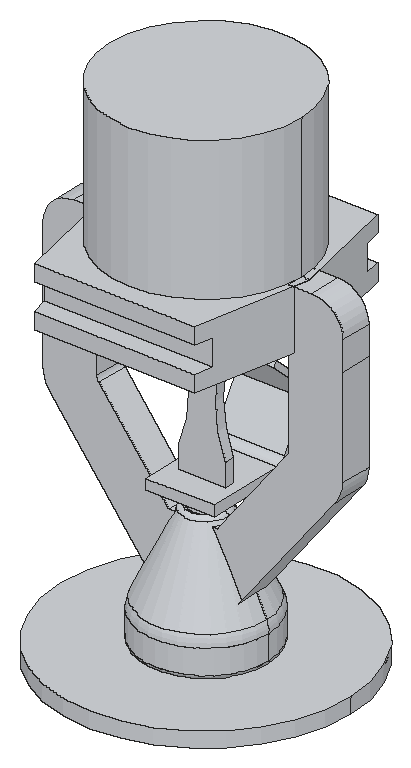
Revit family
Parameters (values of type "RASCO JL-14 ESFR")
  Temperature Rating = 212 °F
  Response = 1
  RASCO SIN # = "RA1812"
  RASCO Part # = "JL142B"
  Pressure Rating = "175 PSI"
  Pressure Class = (empty or 0)
  Orifice Size = 3/4"
  Orifice = (empty or 0)
  Model = "JL-14"
  Manufacturer = "RASCO"
  K-Factor = 14
  Description = "BRONZE FINISH"
  Coverage = (empty or 0)
Reference planes (in)
  plane 1 "Center (Front/Back)": y = 0
  plane 2: z = 0
  plane 3 "Center (Left/Right)": x = 0
Nested families (in)
  nested 1: "JL142B" at (-0.00014, 0, 2.99969) x (-1, 0, 0) z (0, 0, -1), type "RASCO JL-14 ESFR"
Connectors (in)
  piping at (-0.00014, 0, 2.99969)
    settings: on nested 1, index 1, connector radius 1/2", flow factor 0, pipe flow 0 GPM, pressure drop 0.00 psi, fitting loss kfactor 0, connector angle 0.00°, fixture units 0, flow configuration 0, flow direction 0, fitting loss method 0, system type 7, connector reference index -1, connector utility 0, adjustable connector no, is connector primary yes, fitting loss table "", connector description ""
Definition of nested family "JL142B"
  Parameters (values of type "RASCO JL-14 ESFR")
    Type Comments = ""
    Temperature Rating = 0 °F
    Response = (empty or 0)
    Pressure Rating = "0"
    Pressure Class = (empty or 0)
    Orifice Size = 0"
    Orifice = (empty or 0)
    Model = ""
    Manufacturer = ""
    K-Factor = 0
    Description = ""
    Coverage = (empty or 0)
    Assembly Code = ""
  Reference planes (in)
    plane 1 "Center (Front/Back)": y = 0
    plane 2: z = 0
    plane 3 "REF.1": z = 0.773
    plane 4 "top": z = 2.8125
    plane 5: x = -0.81624
    plane 6: x = 0.81332
    plane 7 "ref.2": z = 2.098
    plane 8 "head": z = 2.72724
    plane 9 "left/right center": x = 0
    plane 10 "screw": z = 1.98251
    plane 11 "link2": through (0, -0.02489, 1.21079) normal (0, 0.6767, -0.7363)
  Forms (in)
    Extrusion 1, solid
      sketch origin (0, 0, 0) x (1, 0, 0) y (0, 1, 0)
        loop
          circle (0, 0) r 0.5221
      from 0 to 0.773
    Extrusion 2, solid
      sketch origin (0, 0, 0.773) x (-1, 0, 0) y (0, -1, 0)
        loop
          line (-0.43619, -0.62052) -> (0.4375, -0.62052) -> (0.56391, 0) -> (0.4375, 0.62052) -> (-0.43619, 0.62052) -> (-0.56259, 0) -> (-0.43619, -0.62052)
      from 0 to 0.325
    Extrusion 3, void
      sketch origin (0, 0, 0) x (1, 0, 0) y (0, 0, 1)
        loop
          line (-0.56391, 1.00774) -> (-0.56391, 0.86298) -> (0.56259, 0.86298) -> (0.56259, 1.00774) -> (-0.56391, 1.00774)
      from 0.52148 to 0.62052
    Extrusion 4, solid
      sketch origin (0, 0, 0) x (1, 0, 0) y (0, 0, 1)
        loop
          line (-0.5221, 0.773) -> (-0.5221, 1.098) -> (-0.5221, 1.58091)
          arc (-0.5221, 1.58091) -> (-0.5194, 1.59708) -> (-0.51161, 1.61149) r 0.04979
          line (-0.51161, 1.61149) -> (-0.13316, 2.098) -> (-0.00066, 2.098) -> (0.13184, 2.098) -> (0.5115, 1.61158)
          arc (0.5115, 1.61158) -> (0.51938, 1.59706) -> (0.5221, 1.58077) r 0.05007
          line (0.5221, 1.58077) -> (0.5221, 1.098) -> (0.5221, 0.773) -> (0.64763, 0.773)
          arc (0.64763, 0.773) -> (0.76676, 0.82234) -> (0.8161, 0.94147) r 0.16847
          line (0.8161, 0.94147) -> (0.8161, 1.098) -> (0.8161, 1.63725)
          arc (0.8161, 1.63725) -> (0.80631, 1.69579) -> (0.77801, 1.74796) r 0.17993
          line (0.77801, 1.74796) -> (0.18552, 2.50706) -> (-0.18743, 2.50706) -> (-0.77818, 1.74764)
          arc (-0.77818, 1.74764) -> (-0.80636, 1.69554) -> (-0.8161, 1.63712) r 0.18
          line (-0.8161, 1.63712) -> (-0.8161, 1.098) -> (-0.8161, 0.94094)
          arc (-0.8161, 0.94094) -> (-0.76691, 0.82219) -> (-0.64816, 0.773) r 0.16794
          line (-0.64816, 0.773) -> (-0.5221, 0.773)
      from -0.08649 to 0.08732
    Extrusion 5, void
      sketch origin (0.00728, 1.142, 0) x (1, 0, 0) y (0, 0, 1)
        loop
          line (-0.56391, 1.00774) -> (-0.56391, 0.86298) -> (0.56259, 0.86298) -> (0.56259, 1.00774) -> (-0.56391, 1.00774)
      from 0.52148 to 0.62052
    Revolve 6, solid
      sketch origin (0, 0, 0) x (1, 0, 0) y (0, 0, 1)
        loop
          line (-0.00066, 2.72754) -> (-0.32516, 2.72754)
          arc (-0.32516, 2.72754) -> (-0.339, 2.72181) -> (-0.34473, 2.70797) r 0.01957
          line (-0.34473, 2.70797) -> (-0.34473, 2.57443)
          arc (-0.34473, 2.57443) -> (-0.34132, 2.5437) -> (-0.33127, 2.51445) r 0.14031
          line (-0.33127, 2.51445) -> (-0.12582, 2.07995)
          arc (-0.12582, 2.07995) -> (-0.11591, 2.06775) -> (-0.10088, 2.06316) r 0.02692
          line (-0.10088, 2.06316) -> (-0.00066, 2.06316) -> (-0.00066, 2.72754)
        axis (-0.00066, 2.72754) -> (-0.00066, 2.06316)
      angle from 0 to 360
    Extrusion 7, solid
      sketch origin (0, 0, 0) x (1, 0, 0) y (0, 0, 1)
        loop
          line (-0.00066, 1.098) -> (0.12634, 1.098) -> (0.12634, 1.25094)
          arc (0.12634, 1.25094) -> (0.07205, 1.52876) -> (0.12634, 1.80659) r 0.738
          line (0.12634, 1.80659) -> (0.12634, 1.9285) -> (-0.12716, 1.9285) -> (-0.12716, 1.80659)
          arc (-0.12716, 1.80659) -> (-0.07288, 1.52876) -> (-0.12716, 1.25094) r 0.73821
          line (-0.12716, 1.25094) -> (-0.12716, 1.098) -> (-0.00066, 1.098)
      from -0.02698 to 0.02489
    Extrusion 8, solid
      sketch origin (0, 0, 0) x (0, 0, -1) y (0, -1, 0)
        loop
          line (-1.92851, 0.17394) -> (-1.98251, 0.17394) -> (-1.98251, -0.23992)
          arc (-1.98251, -0.23992) -> (-1.96437, -0.3088) -> (-1.91467, -0.35983) r 0.13989
          line (-1.91467, -0.35983) -> (-1.70246, -0.48734)
          arc (-1.70246, -0.48734) -> (-1.69224, -0.50115) -> (-1.69478, -0.51815) r 0.02246
          line (-1.69478, -0.51815) -> (-1.72641, -0.57081) -> (-1.68013, -0.59862) -> (-1.63469, -0.52299)
          arc (-1.63469, -0.52299) -> (-1.62907, -0.4854) -> (-1.65167, -0.45485) r 0.04966
          line (-1.65167, -0.45485) -> (-1.89842, -0.30659)
          arc (-1.89842, -0.30659) -> (-1.92047, -0.28396) -> (-1.92851, -0.25341) r 0.06204
          line (-1.92851, -0.25341) -> (-1.92851, 0.17394)
      from -0.18664 to 0.18723
    Extrusion 9, solid
      sketch origin (0, 0, 1.98251) x (-1, 0, 0) y (0, -1, 0)
        loop
          circle (0, 0) r 0.087
      from 0 to 0.0806
    Extrusion 10, solid
      sketch origin (0, -0.61464, 0.66881) x (0, -0.736298, -0.676658) y (-1, 0, 0)
        loop
          line (-0.69009, 0.00066) -> (-0.69009, 0.24966) -> (-0.83009, 0.38966) -> (-1.45483, 0.38966) -> (-1.59483, 0.24966) -> (-1.59483, -0.24834) -> (-1.45483, -0.38834) -> (-0.83009, -0.38834) -> (-0.69009, -0.24834) -> (-0.69009, 0.00066)
      from -0.02887 to 0
    Extrusion 11, solid
      sketch origin (0, 0, 2.72724) x (-1, 0, 0) y (0, -1, 0)
        loop
          circle (0, 0) r 0.789
      from 0 to 0.08526
    Extrusion 12, solid
      sketch origin (0, 0, 2.8125) x (-1, 0, 0) y (0, -1, 0)
        loop
          circle (0, 0) r 0.25
      from 0 to 0.18719
  Cuts and joins
    Extrusion 3, Extrusion 5 cuts Extrusion 2
  Dimensions and locks (in)
    Extrusion 12 to level = 0' - 2.99969"
